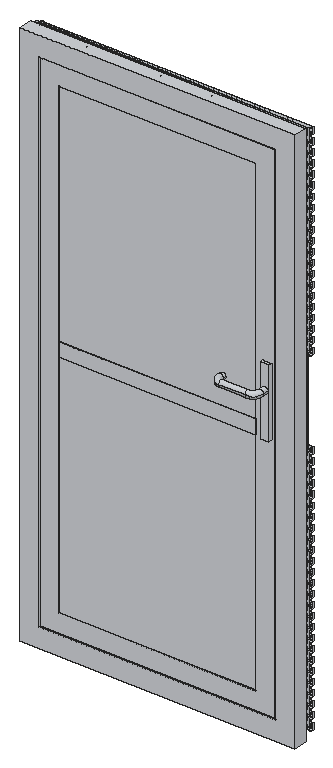
Revit family "NLRS_31_DO_WB_HS27R enkele deur-AV_jazo_jazo", category Doors, host Wall, Revit 2020 (continued)
Definition of nested family "NLRS_31_GM_UN_aluminium planken opbouwroosters-AV"
  Parameters (values of type "aluminium planken")
    NLRS_C_hoogte_04 = (NLRS_C_hoogte / 2) - 102.5 mm - 138 mm  # 1159.5 mm
    NLRS_C_hoogte_03 = (NLRS_C_hoogte / 2) - 102.5 mm - 142 mm  # 1155.5 mm
    NLRS_C_hoogte_02 = NLRS_C_hoogte - 33 mm - 37 mm  # 2730 mm
    NLRS_C_hoogte = 2800 mm
    NLRS_C_diepte = 60 mm  # constant formula
    NLRS_C_breedte_03 = NLRS_C_breedte - (129 mm * 2)  # 1142 mm
    NLRS_C_breedte_02 = NLRS_C_breedte - (123.5 mm * 2)  # 1153 mm
    NLRS_C_breedte_01 = NLRS_C_breedte - 24 mm * 2  # 1352 mm
    NLRS_C_breedte = 1400 mm
    NLRS_C_aantal_02 = NLRS_C_hoogte_04 / 20 mm  # 58
    NLRS_C_aantal_01 = NLRS_C_hoogte_03 / 20 mm  # 58
    Model = ""
    Manufacturer = "JAZO Zevenaar bv"
    Keynote = ""
    JAZO_C_ventilerend = no
    JAZO_C_niet ventilerend = yes
    JAZO_C_aluminium kozijn = yes
    Description = "Aluminium planken"
    Default Elevation = 0 mm
    Assembly Code = "23.30.10.11"
  Reference planes
    plane 1 "Center (Front/Back)": y = 0
    plane 2 "Bottom": z = 0
    plane 3 "Center (Left/Right)": x = 0
    plane 4 "Left": x = -700
    plane 5 "Right": x = 700
    plane 6 "Top": z = 2800
    plane 7 "voorkant kozijn": y = 30
    plane 8 "achterkant kozijn": y = -30
    plane 9 "offset b": z = 2763
    plane 10 "offset o": z = 33
    plane 11 "onder 1": z = 138
    plane 12 "boven 1": z = 1297.5
    plane 13 "Center (Elevation)": z = 1400
    plane 14 "onder 2": z = 1502.5
    plane 15 "boven 2": z = 2658
    plane 16 "offset left": x = -676
    plane 17 "boven 3": x = 676
    plane 18 "offset links 2": x = -571
    plane 19 "offset rechts 2": x = 571
    plane 20 "offset bottom": y = -7.192
    plane 21 "offset top": y = 7.192
    plane 22 "achterkant plank": y = -15.008
    plane 23 "voorkant plank": y = 15.008
    plane 24: x = -561
    plane 25: x = 561
    plane 26: z = 2648
    plane 27: z = 1512.5
    plane 28: z = 1287.5
    plane 29: z = 148
  Forms (mm)
    Extrusion 1, solid, material <- "NLRS_C_materiaal", visible <- "NLRS_C_zichtbaar_01"
      sketch origin (0, 0, 0) x (1, 0, 0) y (0, 0, 1)
        loop
          line (-571, 2658) -> (-571, 1502.5) -> (571, 1502.5) -> (571, 2658) -> (-571, 2658)
        loop
          line (-571, 1297.5) -> (-571, 138) -> (571, 138) -> (571, 1297.5) -> (-571, 1297.5)
      from -7.192 to 7.192
    Extrusion 2, solid, visible <- "NLRS_C_zichtbaar_02"
      sketch origin (1000, 0, 0) x (1, 0, 0) y (0, 0, 1)
        loop
          line (-1561, 2648) -> (-1561, 1512.5) -> (-439, 1512.5) -> (-439, 2648) -> (-1561, 2648)
        loop
          line (-1561, 1287.5) -> (-1561, 148) -> (-439, 148) -> (-439, 1287.5) -> (-1561, 1287.5)
      from -7.192 to 7.192
  Lines and regions (mm)
    symbolic lines, visible <- "JAZO_C_aluminium kozijn"
      curve 1: line (-576.485, -15.008, 0) -> (576.485, -15.008, 0)
      curve 2: line (576.485, 15.008, 0) -> (-576.485, 15.008, 0)
  Dimensions and locks
    "NLRS_C_hoogte": plane 6 "Top" to plane 2 "Bottom"
    "NLRS_C_breedte": plane 4 "Left" to plane 5 "Right"
    equal spacing: plane 4 "Left", plane 3 "Center (Left/Right)", plane 5 "Right"
    "NLRS_C_diepte": plane 7 "voorkant kozijn" to plane 8 "achterkant kozijn"
    equal spacing: plane 7 "voorkant kozijn", plane 1 "Center (Front/Back)", plane 8 "achterkant kozijn"
    locked: plane 10 "offset o" to plane 2 "Bottom" at 33
    locked: plane 6 "Top" to plane 9 "offset b" at 37
    plane 9 "offset b" to plane 10 "offset o" = 2730 mm
    equal spacing: plane 6 "Top", plane 13 "Center (Elevation)", plane 2 "Bottom"
    locked: plane 13 "Center (Elevation)" to plane 12 "boven 1" at 102.5
    locked: plane 11 "onder 1" to plane 2 "Bottom" at 138
    locked: plane 14 "onder 2" to plane 13 "Center (Elevation)" at 102.5
    locked: plane 6 "Top" to plane 15 "boven 2" at 142
    equal spacing: plane 16 "offset left", plane 3 "Center (Left/Right)", plane 17 "boven 3"
    "NLRS_C_breedte_01": plane 16 "offset left" to plane 17 "boven 3"
    "NLRS_C_breedte_03": plane 18 "offset links 2" to plane 19 "offset rechts 2"
    equal spacing: plane 18 "offset links 2", plane 3 "Center (Left/Right)", plane 19 "offset rechts 2"
    equal spacing: plane 22 "achterkant plank", plane 1 "Center (Front/Back)", plane 23 "voorkant plank"
    locked: plane 22 "achterkant plank" to plane 23 "voorkant plank" at 30.015
    locked: plane 21 "offset top" to plane 20 "offset bottom" at 14.385
    equal spacing: plane 21 "offset top", plane 1 "Center (Front/Back)", plane 20 "offset bottom"
    "NLRS_C_offset_01": plane 29 to plane 11 "onder 1"
    "NLRS_C_offset_01": plane 12 "boven 1" to plane 28
    "NLRS_C_offset_01": plane 27 to plane 14 "onder 2"
    "NLRS_C_offset_01": plane 15 "boven 2" to plane 26
    "NLRS_C_offset_01": plane 19 "offset rechts 2" to plane 25
    "NLRS_C_offset_01": plane 24 to plane 18 "offset links 2"
    aligned and locked: level to plane 2 "Bottom"
    aligned and locked: plane 1 "Center (Front/Back)" to nested 1
    aligned and locked: nested 1 to plane 16 "offset left"
    aligned and locked: plane 17 "boven 3" to nested 2
    aligned and locked: plane 10 "offset o" to nested 1
    aligned and locked: nested 2 to plane 10 "offset o"
    aligned and locked: plane 9 "offset b" to nested 3
    aligned and locked: plane 1 "Center (Front/Back)" to nested 3
    aligned and locked: plane 3 "Center (Left/Right)" to nested 3
    aligned and locked: plane 3 "Center (Left/Right)" to nested 4
    aligned and locked: plane 1 "Center (Front/Back)" to nested 4
    aligned and locked: plane 10 "offset o" to nested 4
    aligned and locked: plane 3 "Center (Left/Right)" to nested 5
    aligned and locked: plane 1 "Center (Front/Back)" to nested 5
    aligned and locked: plane 13 "Center (Elevation)" to nested 5
    aligned and locked: Extrusion 1 sketch curve to plane 15 "boven 2"
    aligned and locked: plane 18 "offset links 2" to Extrusion 1 sketch curve  (x2)
    aligned and locked: Extrusion 1 sketch curve to plane 14 "onder 2"
    aligned and locked: Extrusion 1 sketch curve to plane 19 "offset rechts 2"
    aligned and locked: Extrusion 1 sketch curve to plane 12 "boven 1"
    aligned and locked: Extrusion 1 sketch curve to plane 11 "onder 1"
    aligned and locked: plane 19 "offset rechts 2" to Extrusion 1 sketch curve
    aligned and locked: Extrusion 1 to plane 21 "offset top"
    aligned and locked: Extrusion 1 to plane 20 "offset bottom"
    aligned and locked: plane 22 "achterkant plank" to curve 1
    aligned and locked: plane 23 "voorkant plank" to curve 2
    aligned and locked: Extrusion 2 to plane 20 "offset bottom"
    aligned and locked: Extrusion 2 to plane 21 "offset top"
    aligned and locked: plane 24 to Extrusion 2 sketch curve  (x2)
    aligned and locked: plane 26 to Extrusion 2 sketch curve
    aligned and locked: Extrusion 2 sketch curve to plane 25  (x2)
    aligned and locked: plane 27 to Extrusion 2 sketch curve
    aligned and locked: Extrusion 2 sketch curve to plane 28
    aligned and locked: Extrusion 2 sketch curve to plane 29
  Automatic sketch dimensions
    curve 2 to plane 18 "offset links 2" = 5.485 mm
    curve 1 to plane 18 "offset links 2" = 5.485 mm
    curve 2 to plane 19 "offset rechts 2" = 5.485 mm
    curve 1 to plane 19 "offset rechts 2" = 5.485 mm
  Nested families
    nested 1: "NLRS_31_GM_UN_tussenplank 100-AV" at (-623.5, 0, 33), visible <- "JAZO_C_aluminium kozijn", type "tussenplank 100"
      with NLRS_C_zichtbaar_01 yes, NLRS_C_hoogte 2730 mm
    nested 2: "NLRS_31_GM_UN_tussenplank 100-AV" at (623.5, 0, 33) x (-1, 0, 0) z (0, 0, 1), visible <- "JAZO_C_aluminium kozijn", type "tussenplank 100"
      with NLRS_C_zichtbaar_01 yes, NLRS_C_hoogte 2730 mm
    nested 3: "NLRS_31_GM_UN_tussenplank 100 horziontaal-AV" at (0, 0, 2658), visible <- "JAZO_C_aluminium kozijn", type "tussenplank 100mm horzitontaal boven"
    nested 4: "NLRS_31_GM_UN_tussenplank 100 horziontaal-AV" at (0, 0, 33), visible <- "JAZO_C_aluminium kozijn", type "tussenplank 100mm horzitontaal onder"
    nested 5: "NLRS_31_GM_UN_tussenplank 200 horizontaal-AV" at (0, 0, 1297.5), visible <- "JAZO_C_aluminium kozijn", type "tussenplank 200mm"
      with NLRS_C_zichtbaar_01 yes, NLRS_C_breedte 1153 mm
  Definition of nested family "NLRS_31_GM_UN_tussenplank 100-AV"
    Parameters (values of type "tussenplank 100")
      URL = "www.jazo.com"
      NLRS_C_zichtbaar_01 [instance] = yes
      NLRS_C_materiaal = none
      NLRS_C_hoogte = 2334 mm
      NLRS_C_breedte = 105 mm  # constant formula
      Model = ""
      Manufacturer = "Jazo Zevenaar bv"
      Description = "Aluminium tussenplank 100mm"
      Default Elevation = 0 mm
      Assembly Code = "23.30.10.11"
    Reference planes
      plane 1 "Center (Front/Back)": y = 0
      plane 2 "Bottom": z = 0
      plane 3 "Center (Left/Right)": x = 0
      plane 4 "Left": x = -52.5
      plane 5 "Right": x = 52.5
      plane 6 "Top": z = 2334
    Forms (mm)
      Extrusion 1, solid, material <- "NLRS_C_materiaal", visible <- "NLRS_C_zichtbaar_01"
        sketch origin (0, -15.008, 0) x (1, 0, 0) y (0, 1, 0)
          loop
            line (47.015, 30) -> (-52.5, 30) -> (-52.5, 28) -> (-49.253, 28) -> (-47.015, 22.295) -> (-47.015, 7.721) -> (-49.253, 2) -> (-52.5, 2) -> (-52.5, 0) -> (47.015, 0) -> (47.015, 2.5) -> (50.42, 2.5) -> (52.5, 7.815) -> (52.5, 22.2) -> (50.42, 27.5) -> (47.015, 27.5) -> (47.015, 30)
          loop
            line (-44.5, 2) -> (-36.3, 2) -> (-36.3, 4.5) -> (-34.3, 4.5) -> (-34.3, 2) -> (45.015, 2) -> (45.015, 4.25) -> (49.8, 4.25) -> (49.8, 25.75) -> (45.015, 25.75) -> (45.015, 28) -> (-34.3, 28) -> (-34.3, 25.5) -> (-36.3, 25.5) -> (-36.3, 28) -> (-44.5, 28) -> (-44.5, 2)
        from 0 to 2334
    Dimensions and locks
      equal spacing: plane 4 "Left", plane 3 "Center (Left/Right)", plane 5 "Right"
      "NLRS_C_breedte": plane 4 "Left" to plane 5 "Right"
      "NLRS_C_hoogte": plane 6 "Top" to plane 2 "Bottom"
      aligned and locked: level to plane 2 "Bottom"
      aligned and locked: plane 6 "Top" to Extrusion 1
      aligned and locked: Extrusion 1 to level
    Automatic sketch dimensions
      Extrusion 1 sketch curve to plane 4 "Left" = 0 mm  (x2)
      Extrusion 1 sketch curve to plane 5 "Right" = 0 mm
      Extrusion 1 sketch curve to plane 4 "Left" = 3.247 mm  (x2)
      Extrusion 1 sketch curve to plane 4 "Left" = 5.485 mm
      Extrusion 1 sketch curve to Extrusion 1 sketch curve = 4.753 mm
      Extrusion 1 sketch curve to Extrusion 1 sketch curve = 8.2 mm  (x2)
      Extrusion 1 sketch curve to Extrusion 1 sketch curve = 2 mm  (x6)
      plane 5 "Right" to Extrusion 1 sketch curve = 7.485 mm  (x2)
      plane 5 "Right" to Extrusion 1 sketch curve = 2.7 mm
      Extrusion 1 sketch curve to Extrusion 1 sketch curve = 0.62 mm  (x2)
      plane 1 "Center (Front/Back)" to Extrusion 1 sketch curve = 15.008 mm
      plane 1 "Center (Front/Back)" to Extrusion 1 sketch curve = 13.008 mm
      Extrusion 1 sketch curve to Extrusion 1 sketch curve = 0 mm  (x3)
      Extrusion 1 sketch curve to Extrusion 1 sketch curve = 2.5 mm  (x2)
      Extrusion 1 sketch curve to Extrusion 1 sketch curve = 2.25 mm
      Extrusion 1 sketch curve to Extrusion 1 sketch curve = 5.721 mm
      Extrusion 1 sketch curve to Extrusion 1 sketch curve = 3.565 mm
      Extrusion 1 sketch curve to plane 1 "Center (Front/Back)" = 7.192 mm
      Extrusion 1 sketch curve to plane 1 "Center (Front/Back)" = 7.287 mm
      Extrusion 1 sketch curve to plane 1 "Center (Front/Back)" = 10.492 mm
      Extrusion 1 sketch curve to Extrusion 1 sketch curve = 3.55 mm
      Extrusion 1 sketch curve to Extrusion 1 sketch curve = 1.75 mm
      Extrusion 1 sketch curve to Extrusion 1 sketch curve = 0.5 mm
  Definition of nested family "NLRS_31_GM_UN_tussenplank 100 horziontaal-AV"
    Parameters (values of type "tussenplank 100mm horzitontaal boven")
      URL = "www.jazo.com"
      NLRS_C_zichtbaar_02 = yes
      NLRS_C_zichtbaar_01 = no
      NLRS_C_materiaal = none
      NLRS_C_hoogte = 105 mm  # constant formula
      NLRS_C_breedte = 1153 mm
      Model = ""
      Manufacturer = "Jazo Zevenaar bv"
      Description = "Aluminium tussenplank 100mm horzitontaal boven"
      Default Elevation = 0 mm
      Assembly Code = "23.30.10.11"
    Types (2, lengths in mm): name | NLRS_C_zichtbaar_02 | NLRS_C_zichtbaar_01 | Description
      tussenplank 100mm horzitontaal boven | yes | no | "Aluminium tussenplank 100mm horzitontaal boven"
      tussenplank 100mm horzitontaal onder | no | yes | "Aluminium tussenplank 100mm horzitontaal onder"
    Reference planes
      plane 1 "Center (Front/Back)": y = 0
      plane 2 "Bottom": z = 0
      plane 3 "Center (Left/Right)": x = 0
      plane 4 "Left": x = -576.5
      plane 5 "Right": x = 576.5
      plane 6 "Top": z = 105
    Forms (mm)
      Extrusion 1, solid, material <- "NLRS_C_materiaal", visible <- "NLRS_C_zichtbaar_01"
        sketch origin (0, 0, 0) x (0, 1, 0) y (0, 0, 1)
          loop
            line (14.992, 99.515) -> (12.492, 99.515) -> (12.492, 102.92) -> (7.192, 105) -> (-7.192, 105) -> (-12.508, 102.92) -> (-12.508, 99.515) -> (-15.008, 99.515) -> (-15.008, 0) -> (-13.008, 0) -> (-13.008, 3.247) -> (-7.287, 5.485) -> (7.287, 5.485) -> (12.992, 3.247) -> (12.992, 0) -> (14.992, 0) -> (14.992, 99.515)
          loop
            line (-13.008, 8) -> (12.992, 8) -> (12.992, 16.2) -> (10.492, 16.2) -> (10.492, 18.2) -> (12.992, 18.2) -> (12.992, 97.515) -> (10.742, 97.515) -> (10.742, 102.3) -> (-10.758, 102.3) -> (-10.758, 97.515) -> (-13.008, 97.515) -> (-13.008, 18.2) -> (-10.508, 18.2) -> (-10.508, 16.2) -> (-13.008, 16.2) -> (-13.008, 8)
        from -576.5 to 576.5
      Extrusion 2, solid, material <- "NLRS_C_materiaal", visible <- "NLRS_C_zichtbaar_02"
        sketch origin (0, -0.008, 105) x (0, -1, 0) y (0, 0, -1)
          loop
            line (14.992, 99.515) -> (12.492, 99.515) -> (12.492, 102.92) -> (7.192, 105) -> (-7.192, 105) -> (-12.508, 102.92) -> (-12.508, 99.515) -> (-15.008, 99.515) -> (-15.008, 0) -> (-13.008, 0) -> (-13.008, 3.247) -> (-7.287, 5.485) -> (7.287, 5.485) -> (12.992, 3.247) -> (12.992, 0) -> (14.992, 0) -> (14.992, 99.515)
          loop
            line (-13.008, 8) -> (12.992, 8) -> (12.992, 16.2) -> (10.492, 16.2) -> (10.492, 18.2) -> (12.992, 18.2) -> (12.992, 97.515) -> (10.742, 97.515) -> (10.742, 102.3) -> (-10.758, 102.3) -> (-10.758, 97.515) -> (-13.008, 97.515) -> (-13.008, 18.2) -> (-10.508, 18.2) -> (-10.508, 16.2) -> (-13.008, 16.2) -> (-13.008, 8)
        from -576.5 to 576.5
    Dimensions and locks
      equal spacing: plane 4 "Left", plane 3 "Center (Left/Right)", plane 5 "Right"
      "NLRS_C_breedte": plane 4 "Left" to plane 5 "Right"
      "NLRS_C_hoogte": plane 6 "Top" to plane 2 "Bottom"
      aligned and locked: level to plane 2 "Bottom"
      aligned and locked: plane 4 "Left" to Extrusion 1
      aligned and locked: Extrusion 1 to plane 5 "Right"
      aligned and locked: plane 4 "Left" to Extrusion 2
      aligned and locked: Extrusion 2 to plane 5 "Right"
    Automatic sketch dimensions
      plane 1 "Center (Front/Back)" to Extrusion 1 sketch curve = 15.008 mm
      Extrusion 1 sketch curve to Extrusion 1 sketch curve = 2 mm  (x5)
      level to Extrusion 1 sketch curve = 18.2 mm
      Extrusion 1 sketch curve to Extrusion 1 sketch curve = 0 mm  (x5)
      Extrusion 1 sketch curve to Extrusion 1 sketch curve = 2.5 mm  (x2)
      Extrusion 1 sketch curve to Extrusion 1 sketch curve = 2.25 mm
      Extrusion 1 sketch curve to Extrusion 1 sketch curve = 5.721 mm
      Extrusion 1 sketch curve to Extrusion 1 sketch curve = 3.565 mm
      Extrusion 1 sketch curve to Extrusion 1 sketch curve = 14.385 mm
      Extrusion 1 sketch curve to Extrusion 1 sketch curve = 14.574 mm
      level to Extrusion 1 sketch curve = 16.2 mm  (x2)
      Extrusion 1 sketch curve to Extrusion 1 sketch curve = 3.205 mm
      Extrusion 1 sketch curve to Extrusion 1 sketch curve = 3.55 mm
      Extrusion 1 sketch curve to Extrusion 1 sketch curve = 1.75 mm
      Extrusion 1 sketch curve to Extrusion 1 sketch curve = 0.5 mm
      level to Extrusion 1 sketch curve = 3.247 mm  (x2)
      Extrusion 1 sketch curve to Extrusion 1 sketch curve = 3.247 mm  (x2)
      Extrusion 1 sketch curve to Extrusion 1 sketch curve = 2.239 mm
      Extrusion 1 sketch curve to Extrusion 1 sketch curve = 4.753 mm
      Extrusion 1 sketch curve to Extrusion 1 sketch curve = 79.315 mm
      Extrusion 1 sketch curve to Extrusion 1 sketch curve = 2.785 mm
      Extrusion 1 sketch curve to Extrusion 1 sketch curve = 0.62 mm  (x2)
      Extrusion 1 sketch curve to Extrusion 1 sketch curve = 2.7 mm
      Extrusion 2 sketch curve to plane 6 "Top" = 0 mm  (x2)
      Extrusion 2 sketch curve to level = 0 mm
      level to Extrusion 2 sketch curve = 5.485 mm
      Extrusion 2 sketch curve to plane 1 "Center (Front/Back)" = 15 mm
      Extrusion 2 sketch curve to Extrusion 2 sketch curve = 2 mm  (x6)
      Extrusion 2 sketch curve to Extrusion 2 sketch curve = 0 mm  (x4)
      level to Extrusion 2 sketch curve = 2.08 mm  (x2)
      Extrusion 2 sketch curve to Extrusion 2 sketch curve = 2.5 mm  (x2)
      Extrusion 2 sketch curve to Extrusion 2 sketch curve = 2.25 mm
      Extrusion 2 sketch curve to Extrusion 2 sketch curve = 5.721 mm
      Extrusion 2 sketch curve to Extrusion 2 sketch curve = 3.565 mm
      Extrusion 2 sketch curve to Extrusion 2 sketch curve = 14.385 mm
      Extrusion 2 sketch curve to plane 6 "Top" = 5.485 mm
      Extrusion 2 sketch curve to Extrusion 2 sketch curve = 14.574 mm
      Extrusion 2 sketch curve to Extrusion 2 sketch curve = 3.205 mm
      Extrusion 2 sketch curve to Extrusion 2 sketch curve = 3.55 mm
      Extrusion 2 sketch curve to Extrusion 2 sketch curve = 1.75 mm
      Extrusion 2 sketch curve to Extrusion 2 sketch curve = 0.5 mm
      Extrusion 2 sketch curve to plane 6 "Top" = 3.247 mm
      Extrusion 2 sketch curve to Extrusion 2 sketch curve = 3.247 mm
      Extrusion 2 sketch curve to Extrusion 2 sketch curve = 4.753 mm
      Extrusion 2 sketch curve to Extrusion 2 sketch curve = 8.2 mm  (x2)
      Extrusion 2 sketch curve to Extrusion 2 sketch curve = 5.406 mm
      Extrusion 2 sketch curve to Extrusion 2 sketch curve = 0.62 mm
  Definition of nested family "NLRS_31_GM_UN_tussenplank 200 horizontaal-AV"
    Parameters (values of type "tussenplank 200mm")
      URL = "www.jazo.com"
      NLRS_C_zichtbaar_01 [instance] = yes
      NLRS_C_materiaal = none
      NLRS_C_hoogte = 205 mm  # constant formula
      NLRS_C_breedte = 1027 mm
      Model = ""
      Manufacturer = "Jazo Zevenaar bv"
      Description = "Aluminium tussenplank 200mm"
      Default Elevation = 0 mm
      Assembly Code = "23.30.10.11"
    Reference planes
      plane 1 "Center (Front/Back)": y = 0
      plane 2 "Bottom": z = 0
      plane 3 "Center (Left/Right)": x = 0
      plane 4 "Top": z = 205
      plane 5 "Left": x = -513.5
      plane 6 "Right": x = 513.5
      plane 7 "Center (Elevation)": z = 102.5
    Forms (mm)
      Extrusion 1, solid, material <- "NLRS_C_materiaal"
        sketch origin (0, 0, 0) x (0, 1, 0) y (0, 0, 1)
          loop
            line (14.992, 101.796) -> (14.284, 102.504) -> (14.992, 103.212) -> (14.992, 199.515) -> (12.492, 199.515) -> (12.492, 202.92) -> (7.192, 205) -> (-7.192, 205) -> (-12.508, 202.92) -> (-12.508, 199.515) -> (-15.008, 199.515) -> (-15.008, 103.207) -> (-14.301, 102.5) -> (-15.008, 101.793) -> (-15.008, 0) -> (-13.008, 0) -> (-13.008, 3.21) -> (-7.192, 5.485) -> (7.192, 5.485) -> (12.992, 3.21) -> (12.992, 0) -> (14.992, 0) -> (14.992, 101.796)
          loop
            line (-13.008, 8) -> (12.992, 8) -> (12.992, 16.2) -> (10.492, 16.2) -> (10.492, 18.2) -> (12.992, 18.2) -> (12.992, 103.907) -> (-13.008, 103.907) -> (-13.008, 18.2) -> (-10.508, 18.2) -> (-10.508, 16.2) -> (-13.008, 16.2) -> (-13.008, 8)
          loop
            line (-13.008, 105.907) -> (12.992, 105.907) -> (12.992, 197.515) -> (10.742, 197.515) -> (10.742, 202.3) -> (-10.758, 202.3) -> (-10.758, 197.515) -> (-13.008, 197.515) -> (-13.008, 105.907)
        from -513.5 to 513.5
    Dimensions and locks
      equal spacing: plane 5 "Left", plane 3 "Center (Left/Right)", plane 6 "Right"
      "NLRS_C_breedte": plane 5 "Left" to plane 6 "Right"
      "NLRS_C_hoogte": plane 4 "Top" to plane 2 "Bottom"
      equal spacing: plane 4 "Top", plane 7 "Center (Elevation)", level
      aligned and locked: level to plane 2 "Bottom"
      aligned and locked: plane 5 "Left" to Extrusion 1
      aligned and locked: Extrusion 1 to plane 6 "Right"
    Automatic sketch dimensions
      plane 1 "Center (Front/Back)" to Extrusion 1 sketch curve = 15.008 mm
      Extrusion 1 sketch curve to Extrusion 1 sketch curve = 0 mm  (x5)
      Extrusion 1 sketch curve to Extrusion 1 sketch curve = 0.707 mm  (x2)
      Extrusion 1 sketch curve to Extrusion 1 sketch curve = 2 mm  (x8)
      Extrusion 1 sketch curve to Extrusion 1 sketch curve = 1.293 mm
      Extrusion 1 sketch curve to Extrusion 1 sketch curve = 2.5 mm  (x2)
      Extrusion 1 sketch curve to Extrusion 1 sketch curve = 1.75 mm  (x2)
      Extrusion 1 sketch curve to Extrusion 1 sketch curve = 3.565 mm
      Extrusion 1 sketch curve to Extrusion 1 sketch curve = 5.815 mm
      Extrusion 1 sketch curve to Extrusion 1 sketch curve = 14.385 mm  (x2)
      level to Extrusion 1 sketch curve = 18.2 mm  (x2)
      Extrusion 1 sketch curve to Extrusion 1 sketch curve = 3.3 mm
      Extrusion 1 sketch curve to Extrusion 1 sketch curve = 3.55 mm
      Extrusion 1 sketch curve to Extrusion 1 sketch curve = 5.8 mm
      Extrusion 1 sketch curve to Extrusion 1 sketch curve = 1.292 mm
      Extrusion 1 sketch curve to Extrusion 1 sketch curve = 0.708 mm  (x3)
      Extrusion 1 sketch curve to Extrusion 1 sketch curve = 8.2 mm
      Extrusion 1 sketch curve to Extrusion 1 sketch curve = 2.515 mm
      Extrusion 1 sketch curve to Extrusion 1 sketch curve = 4.79 mm  (x2)
      Extrusion 1 sketch curve to Extrusion 1 sketch curve = 3.21 mm  (x2)
      level to Extrusion 1 sketch curve = 101.793 mm
      Extrusion 1 sketch curve to Extrusion 1 sketch curve = 0.003 mm
      Extrusion 1 sketch curve to Extrusion 1 sketch curve = 1.407 mm
      Extrusion 1 sketch curve to Extrusion 1 sketch curve = 91.607 mm
      Extrusion 1 sketch curve to Extrusion 1 sketch curve = 2.785 mm
      Extrusion 1 sketch curve to Extrusion 1 sketch curve = 0.62 mm  (x2)
      Extrusion 1 sketch curve to Extrusion 1 sketch curve = 2.7 mm
Definition of nested family "NLRS_31_DI_UN_markering"
  Parameters (values of type "NLRS_C_31_DI_markering")
    URL = "www.jazo.com"
    NLRS_C_zichtbaar_01 = if(or(NLRS_C_brandwerend, NLRS_C_zelfsluitend), 1 < 2, 2 < 1)  # no
    NLRS_C_zelfsluitend = no
    NLRS_C_brandwerend = no
    Manufacturer = "JAZO Zevenaar bv"
    Description = "Markering detail"
  Reference planes
    plane 1 "Center (Front/Back)": y = 0
    plane 2: z = 0
    plane 3 "Center (Left/Right)": x = 0
    plane 4 "voorkant kozijn": y = 30
    plane 5 "achterkant kozijn": y = -30
    plane 6 "Right": x = 20
    plane 7 "Left": x = -20
    plane 8 "offset left": x = -25
    plane 9 "offset right": x = 25
    plane 10 "achterkant": y = -129.538
    plane 11 "voorkant": y = 129.538
  Lines and regions (mm)
    detail lines, in view "Ref. Level", visible <- "NLRS_C_zichtbaar_01"
      curve 1: line (0, -129.538, 0) -> (0, 129.538, 0)
    detail lines, in view "Ref. Level", visible <- "NLRS_C_brandwerend"
      curve 2: line (-20, -129.538, 0) -> (20, -101.53, 0)
      curve 3: line (20, -129.538, 0) -> (-20, -101.53, 0)
      curve 4: line (-20, -101.53, 0) -> (20, -73.522, 0)
      curve 5: line (20, -101.53, 0) -> (-20, -73.522, 0)
      curve 6: line (-20, 129.538, 0) -> (20, 101.53, 0)
      curve 7: line (20, 129.538, 0) -> (-20, 101.53, 0)
      curve 8: line (-20, 101.53, 0) -> (20, 73.522, 0)
      curve 9: line (20, 101.53, 0) -> (-20, 73.522, 0)
    detail lines, in view "Ref. Level", visible <- "NLRS_C_zelfsluitend"
      curve 10: line (-25, -70.021, 0) -> (25, -35.01, 0)
      curve 11: line (25, -35.01, 0) -> (-25, 0, 0)
      curve 12: line (-25, 0, 0) -> (25, 35.01, 0)
      curve 13: line (25, 35.01, 0) -> (-25, 70.021, 0)
  Dimensions and locks
    equal spacing: plane 5 "achterkant kozijn", plane 1 "Center (Front/Back)", plane 4 "voorkant kozijn"
    equal spacing: plane 7 "Left", plane 3 "Center (Left/Right)", plane 6 "Right"
    locked: plane 7 "Left" to plane 6 "Right" at 40
    locked: plane 8 "offset left" to plane 7 "Left" at 5
    locked: plane 6 "Right" to plane 9 "offset right" at 5
    equal spacing: plane 11 "voorkant", plane 1 "Center (Front/Back)", plane 10 "achterkant"
    locked: plane 11 "voorkant" to plane 10 "achterkant" at 259.077
    locked: plane 5 "achterkant kozijn" to plane 4 "voorkant kozijn" at 60
    aligned and locked: plane 3 "Center (Left/Right)" to curve 1
  Automatic sketch dimensions
    curve 12 to plane 8 "offset left" = 0 mm
    curve 10 to plane 8 "offset left" = 0 mm
    curve 13 to plane 8 "offset left" = 0 mm
    curve 3 to plane 7 "Left" = 0 mm
    curve 8 to plane 7 "Left" = 0 mm
    curve 9 to plane 7 "Left" = 0 mm
    curve 5 to plane 7 "Left" = 0 mm
    curve 6 to plane 7 "Left" = 0 mm
    curve 8 to plane 6 "Right" = 0 mm
    curve 9 to plane 6 "Right" = 0 mm
    curve 7 to plane 6 "Right" = 0 mm
    curve 2 to plane 6 "Right" = 0 mm
    curve 3 to plane 6 "Right" = 0 mm
    curve 4 to plane 6 "Right" = 0 mm
    curve 13 to plane 9 "offset right" = 0 mm
    curve 11 to plane 9 "offset right" = 0 mm
    plane 5 "achterkant kozijn" to curve 3 = 71.53 mm
    curve 3 to curve 2 = 0 mm
    plane 5 "achterkant kozijn" to curve 10 = 5.01 mm
    plane 1 "Center (Front/Back)" to curve 12 = 0 mm
    curve 12 to plane 4 "voorkant kozijn" = 5.01 mm
    curve 12 to curve 6 = 66.52 mm
    curve 7 to curve 6 = 0 mm
    curve 3 to curve 2 = 28.008 mm
    curve 2 to curve 4 = 28.008 mm
    curve 3 to curve 5 = 28.008 mm
    curve 5 to curve 10 = 3.501 mm
    curve 13 to curve 7 = 31.509 mm
    curve 8 to curve 6 = 28.008 mm
    curve 13 to curve 9 = 3.501 mm
    curve 7 to curve 1 = 28.008 mm
    curve 6 to curve 1 = 0 mm
    curve 1 to curve 7 = 0 mm
    curve 2 to plane 7 "Left" = 0 mm
    curve 2 to curve 3 = 28.008 mm
    curve 1 to curve 3 = 0 mm
Definition of nested family "NLRS_31_GA_UN_error message"
  Parameters (values of type "NLRS_31_GA_UN_error mesage")
    NLRS_C_zichtbaar_10 = if(NLRS_C_zichtbaar_01, 1 < 2, if(NLRS_C_zichtbaar_02, 1 < 2, if(NLRS_C_zichtbaar_03, 1 < 2, if(NLRS_C_zichtbaar_04, 1 < 2, if(NLRS_C_zichtbaar_05, 1 < 2, 2 < 1)))))  # yes
    NLRS_C_zichtbaar_05 = if(and(JAZO_C_aluminium kozijn, NLRS_C_brandwerend), 1 < 2, 2 < 1)  # yes
    NLRS_C_zichtbaar_04 = if(NLRS_C_breedte < NLRS_C_breedte_min, 1 < 2, 2 < 1)  # no
    NLRS_C_zichtbaar_03 = if(NLRS_C_breedte > NLRS_C_breedte_max, 1 < 2, 2 < 1)  # no
    NLRS_C_zichtbaar_02 = if(NLRS_C_hoogte < NLRS_C_hoogte_min, 1 < 2, 2 < 1)  # no
    NLRS_C_zichtbaar_01 = if(NLRS_C_hoogte > NLRS_C_hoogte_max, 1 < 2, 2 < 1)  # no
    NLRS_C_hoogte_min = 1850 mm
    NLRS_C_hoogte_max = 2645 mm
    NLRS_C_hoogte = 2500 mm
    NLRS_C_breedte_min = 850 mm
    NLRS_C_breedte_max = 1661 mm
    NLRS_C_breedte = 1000 mm
    NLRS_C_brandwerend = yes
    JAZO_C_aluminium kozijn = yes
  Reference planes
    plane 1: y = 0
    plane 2: x = 0
  Lines and regions (mm)
    Filled region 1, type "Zwart", not visible
      outline origin (253.64, 140.595, 0) x (1, 0, 0) y (0, 1, 0)
        loop
          line (134.592, 287.146) -> (41.891, 131.062)
          arc (41.891, 131.062) -> (41.863, 128.047) -> (44.47, 126.53) r 3
          line (44.47, 126.53) -> (229.873, 126.53)
          arc (229.873, 126.53) -> (232.48, 128.047) -> (232.452, 131.062) r 3
          line (232.452, 131.062) -> (139.751, 287.146)
          arc (139.751, 287.146) -> (137.171, 288.614) -> (134.592, 287.146) r 3
        loop
          line (62.04, 139.53) -> (212.303, 139.53) -> (137.171, 266.031) -> (62.04, 139.53)
    Filled region 2, type "Geel", not visible
      outline origin (253.64, 140.595, 0) x (1, 0, 0) y (0, 1, 0)
        loop
          line (62.04, 139.53) -> (212.303, 139.53) -> (137.171, 266.031) -> (62.04, 139.53)
    Filled region 3, type "Zwart", not visible
      outline origin (253.64, 140.595, 0) x (1, 0, 0) y (0, 1, 0)
        loop
          line (127.78, 234.406) -> (132.476, 171.156) -> (141.867, 171.156) -> (146.563, 234.406) -> (127.78, 234.406)
        loop
          circle (137.171, 160.994) r 7.044
    Filled region 4, type "Rood 2", visible <- "NLRS_C_zichtbaar_10"
      outline origin (0, 0, 0) x (1, 0, 0) y (0, 1, 0)
        loop
          line (-50, 14) -> (-50, -14) -> (50, -14) -> (50, 14) -> (-50, 14)
  Text (mm)
    text "Error: Height > Max Height" at (-1.89, -0.035, 0), visible <- "NLRS_C_zichtbaar_01"
    text "Error: Height < Min Height" at (-1.89, -0.035, 0), visible <- "NLRS_C_zichtbaar_02"
    text "Error: Width > Max Width" at (-1.89, -6.035, 0), visible <- "NLRS_C_zichtbaar_03"
    text "Error: Width < Min Width" at (-1.89, -6.035, 0), visible <- "NLRS_C_zichtbaar_04"
    text "Error: Aluminium kozijn ≠ brandwerend" at (-1.89, 5.965, 0), visible <- "NLRS_C_zichtbaar_05"
  Dimensions and locks
    equal spacing: Filled region 4 sketch curve, plane 1, Filled region 4 sketch curve
    Filled region 4 sketch curve to Filled region 4 sketch curve = 28 mm
    plane 1 to Filled region 4 sketch curve = 14 mm
    equal spacing: Filled region 4 sketch curve, plane 2, Filled region 4 sketch curve
    Filled region 4 sketch curve to plane 2 = 50 mm
Definition of nested family "NLRS_31_DI_UN_beslagbak detail HS27R"
  Parameters (values of type "beslagbak detail HS27R")
    URL = "www.jazo.com"
    Manufacturer = "JAZO Zevenaar bv"
    JAZO_C_opbouwrooster HS27R = yes
    JAZO_C_forster presto kozijn = yes
    JAZO_C_aluminium kozijn = no
    Description = "beslagbak detail HS27R"
  Reference planes
    plane 1 "Center (Front/Back)": y = 0
    plane 2: z = 0
    plane 3 "Center (Left/Right)": x = 0
    plane 4 "offset rechts": x = 99
    plane 5 "alu": y = -70.992
    plane 6 "st": y = -90.992
  Lines and regions (mm)
    Filled region 1, type "Solid Fill - White", in view "Ref. Level", visible <- "JAZO_C_aluminium kozijn"
      outline origin (0, 41.508, 0) x (1, 0, 0) y (0, 1, 0)
        loop
          line (11, -124.5) -> (16, -124.5) -> (16, -112.5) -> (-16, -112.5) -> (-16, -124.5) -> (-11, -124.5) -> (-11, -146.5)
          arc (-11, -146.5) -> (-15.027, -156.222) -> (-24.749, -160.249) r 13.749
          line (-24.749, -160.249) -> (-120.749, -160.249)
          arc (-120.749, -160.249) -> (-130.471, -156.222) -> (-134.497, -146.5) r 13.749
          line (-134.497, -146.5) -> (-134.497, -135.5) -> (-156.497, -135.5) -> (-156.497, -146.5)
          arc (-156.497, -146.5) -> (-146.027, -171.778) -> (-120.749, -182.249) r 35.749
          line (-120.749, -182.249) -> (-24.749, -182.249)
          arc (-24.749, -182.249) -> (0.529, -171.778) -> (11, -146.5) r 35.749
          line (11, -146.5) -> (11, -124.5)
    Filled region 2, type "Solid Fill - White", in view "Ref. Level", visible <- "JAZO_C_forster presto kozijn"
      outline origin (0, 21.508, 0) x (1, 0, 0) y (0, 1, 0)
        loop
          line (11, -124.5) -> (16, -124.5) -> (16, -112.5) -> (-16, -112.5) -> (-16, -124.5) -> (-11, -124.5) -> (-11, -146.5)
          arc (-11, -146.5) -> (-15.027, -156.222) -> (-24.749, -160.249) r 13.749
          line (-24.749, -160.249) -> (-120.749, -160.249)
          arc (-120.749, -160.249) -> (-130.471, -156.222) -> (-134.497, -146.5) r 13.749
          line (-134.497, -146.5) -> (-134.497, -135.5) -> (-156.497, -135.5) -> (-156.497, -146.5)
          arc (-156.497, -146.5) -> (-146.027, -171.778) -> (-120.749, -182.249) r 35.749
          line (-120.749, -182.249) -> (-24.749, -182.249)
          arc (-24.749, -182.249) -> (0.529, -171.778) -> (11, -146.5) r 35.749
          line (11, -146.5) -> (11, -124.5)
    Filled region 3, type "Solid Fill - White", in view "Ref. Level", visible <- "JAZO_C_opbouwrooster HS27R"
      outline origin (0, 41.508, 0) x (1, 0, 0) y (0, 1, 0)
        loop
          line (-25, -25.5) -> (-11, -25.5) -> (-11, -55.5) -> (-16, -55.5) -> (-16, -67.5) -> (16, -67.5) -> (16, -55.5) -> (11, -55.5) -> (11, -25.5) -> (25, -25.5) -> (25, -9.5) -> (-25, -9.5) -> (-25, -25.5)
    Filled region 4, type "Solid Fill - White", in view "Ref. Level", visible <- "JAZO_C_opbouwrooster HS27R"
      outline origin (0, 41.508, 0) x (1, 0, 0) y (0, 1, 0)
        loop
          line (95, -41.508) -> (93, -41.508) -> (93, -67.5) -> (-207.786, -67.5)
          arc (-207.786, -67.5) -> (-210.766, -68.734) -> (-212, -71.714) r 4.214
          line (-212, -71.714) -> (-212, -78.7) -> (-238, -78.7) -> (-238, -43.8) -> (-240, -43.8) -> (-240, -78.7)
          arc (-240, -78.7) -> (-239.414, -80.114) -> (-238, -80.7) r 2
          line (-238, -80.7) -> (-212, -80.7)
          arc (-212, -80.7) -> (-210.586, -80.114) -> (-210, -78.7) r 2
          line (-210, -78.7) -> (-210, -71.714)
          arc (-210, -71.714) -> (-209.41, -70.29) -> (-207.986, -69.7) r 2.014
          line (-207.986, -69.7) -> (95, -69.7) -> (95, -41.508)
    detail lines, in view "Ref. Level", visible <- "JAZO_C_aluminium kozijn"
      curve 1: line (-16, -82.992, 0) -> (16, -82.992, 0)
    detail lines, in view "Ref. Level", visible <- "JAZO_C_forster presto kozijn"
      curve 2: line (-16, -102.992, 0) -> (16, -102.992, 0)
    detail lines, in view "Ref. Level", visible <- "JAZO_C_opbouwrooster HS27R"
      curve 3: line (-11, 16.008, 0) -> (11, 16.008, 0)
      curve 4: line (-11, -13.992, 0) -> (11, -13.992, 0)
  Dimensions and locks
    locked: plane 3 "Center (Left/Right)" to plane 4 "offset rechts" at 99
    locked: plane 5 "alu" to plane 1 "Center (Front/Back)" at 70.992
    locked: plane 5 "alu" to plane 6 "st" at 20
Definition of nested family "NLRS_31_DI_UN_scharnier detail HS27R"
  Parameters (values of type "scharnier detail HS27R")
    URL = "www.jazo.com"
    Manufacturer = "JAZO Zevenaar bv"
    JAZO_C_forster presto kozijn = no
    JAZO_C_aluminium kozijn = yes
    Description = "scharnier detail HS27R"
  Reference planes
    plane 1 "Center (Front/Back)": y = 0
    plane 2: z = 0
    plane 3 "Center (Left/Right)": x = 0
    plane 4 "offset": x = 20
  Lines and regions (mm)
    Filled region 1, type "Solid Fill - White", in view "Ref. Level", visible <- "JAZO_C_forster presto kozijn"
      outline origin (0, 0, 0) x (1, 0, 0) y (0, 1, 0)
        loop
          line (95, 0) -> (95, 6)
          arc (95, 6) -> (93.536, 9.536) -> (90, 11) r 5
          line (90, 11) -> (33, 11)
          arc (33, 11) -> (27.343, 13.343) -> (25, 19) r 8
          line (25, 19) -> (25, 24.5) -> (15, 24.5) -> (15, 6) -> (19, 2) -> (44.5, 2) -> (44.5, 0) -> (95, 0)
        loop
          line (15.5, 29.5) -> (24.5, 29.5) -> (24.5, 38.5) -> (15.5, 38.5) -> (15.5, 29.5)
    Filled region 2, type "Solid Fill - White", in view "Ref. Level", visible <- "JAZO_C_forster presto kozijn"
      outline origin (0, -40, 0) x (1, 0, 0) y (0, 1, 0)
        loop
          circle (20, 74) r 9.5
    Filled region 3, type "Solid Fill - White", in view "Ref. Level", visible <- "JAZO_C_aluminium kozijn"
      outline origin (20.01, 81.5, 0) x (1, 0, 0) y (0, 1, 0)
        loop
          arc (-4, -81.5) -> (-3.293, -81.207) -> (-3, -80.5) r 1
          line (-3, -80.5) -> (-3, -52.487)
          arc (-3, -52.487) -> (-2.247, -50.699) -> (-0.442, -49.988) r 2.5
          arc (-0.442, -49.988) -> (1.661, -49.857) -> (3.69, -49.288) r 10
          arc (3.69, -49.288) -> (6.549, -49.036) -> (9.076, -50.397) r 5
          line (9.076, -50.397) -> (12.99, -54.311) -> (12.99, -80.5)
          arc (12.99, -80.5) -> (13.283, -81.207) -> (13.99, -81.5) r 1
          line (13.99, -81.5) -> (19.99, -81.5)
          arc (19.99, -81.5) -> (20.697, -81.207) -> (20.99, -80.5) r 1
          line (20.99, -80.5) -> (20.99, -50.997) -> (9.99, -39.997)
          arc (9.99, -39.997) -> (-1.629, -30.129) -> (-9.486, -43.192) r 10
          arc (-9.486, -43.192) -> (-9.518, -43.666) -> (-9.764, -44.072) r 1
          line (-9.764, -44.072) -> (-13, -47.307) -> (-13, -80.5)
          arc (-13, -80.5) -> (-12.707, -81.207) -> (-12, -81.5) r 1
          line (-12, -81.5) -> (-4, -81.5)
    detail lines, in view "Ref. Level", visible <- "JAZO_C_forster presto kozijn"
      curve 1: arc (11, 34, 0) -> (20, 25, 0) -> (29, 34, 0) r 9
      curve 2: arc (11.5, 34, 0) -> (20, 25.5, 0) -> (28.5, 34, 0) r 8.5
      curve 3: arc (28.5, 34, 0) -> (20, 42.5, 0) -> (11.5, 34, 0) r 8.5
      curve 4: arc (29, 34, 0) -> (20, 43, 0) -> (11, 34, 0) r 9
    detail lines, in view "Ref. Level", visible <- "JAZO_C_aluminium kozijn"
      curve 5: arc (10.524, 38.305, 0) -> (14.168, 33.376, 0) -> (20.004, 31.5, 0) r 10
      curve 6: arc (23.526, 32.137, 0) -> (28.23, 35.798, 0) -> (30.015, 41.485, 0) r 10
  Dimensions and locks
    locked: plane 3 "Center (Left/Right)" to plane 4 "offset" at 20
Definition of nested family "NLRS_31_GM_UN_scharnier aluminium HS27R-AV"
  Parameters (values of type "scharnier aluminium HS27R")
    URL = "www.jazo.com"
    NLRS_C_materiaal = none
    Model = ""
    Manufacturer = "JAZO Zevenaar bv"
    JAZO_C_aluminium kozijn = yes
    Description = "scharnier aluminium HS27R"
    Default Elevation = 0 mm
    Assembly Code = "23.30.40.24.11"
  Reference planes
    plane 1 "Center (Front/Back)": y = 0
    plane 2 "Bottom": z = 0
    plane 3 "Center (Left/Right)": x = 0
    plane 4 "Top": z = 180
    plane 5 "voorkant kozijn": y = -41.5
    plane 6 "Left": x = -20
  Forms (mm)
    Extrusion 1, solid, material <- "NLRS_C_materiaal", visible <- "JAZO_C_aluminium kozijn"
      sketch origin (-333.447, 147.952, 0) x (0, -1, 0) y (1, 0, 0)
        loop
          circle (147.952, 333.447) r 10
      from 50 to 52.5
    Extrusion 2, solid, material <- "NLRS_C_materiaal", visible <- "JAZO_C_aluminium kozijn"
      sketch origin (-333.444, 147.952, 0) x (0, -1, 0) y (1, 0, 0)
        loop
          circle (147.952, 333.447) r 10
      from 127.5 to 130
    Extrusion 3, solid, material <- "NLRS_C_materiaal", visible <- "JAZO_C_aluminium kozijn"
      sketch origin (-333.439, 147.952, 0) x (0, -1, 0) y (1, 0, 0)
        loop
          arc (157.242, 337.147) -> (138.898, 337.692) -> (151.05, 323.939) r 10
          arc (151.05, 323.939) -> (151.573, 323.943) -> (152.026, 323.683) r 1
          line (152.026, 323.683) -> (155.262, 320.447) -> (188.452, 320.447)
          arc (188.452, 320.447) -> (189.159, 320.74) -> (189.452, 321.447) r 1
          line (189.452, 321.447) -> (189.452, 329.447)
          arc (189.452, 329.447) -> (189.159, 330.154) -> (188.452, 330.447) r 1
          line (188.452, 330.447) -> (160.442, 330.447)
          arc (160.442, 330.447) -> (158.639, 331.215) -> (157.944, 333.047) r 2.5
          arc (157.944, 333.047) -> (157.809, 335.134) -> (157.242, 337.147) r 10
      from 52.5 to 127.5
    Extrusion 4, solid, material <- "NLRS_C_materiaal", visible <- "JAZO_C_aluminium kozijn"
      sketch origin (-333.447, 147.952, 0) x (0, -1, 0) y (1, 0, 0)
        loop
          arc (147.952, 343.447) -> (142.34, 325.17) -> (157.242, 337.147) r 10
          arc (157.242, 337.147) -> (156.99, 340.006) -> (158.352, 342.533) r 5
          line (158.352, 342.533) -> (162.266, 346.447) -> (188.452, 346.447)
          arc (188.452, 346.447) -> (189.159, 346.74) -> (189.452, 347.447) r 1
          line (189.452, 347.447) -> (189.452, 353.447)
          arc (189.452, 353.447) -> (189.159, 354.154) -> (188.452, 354.447) r 1
          line (188.452, 354.447) -> (158.952, 354.447) -> (147.952, 343.447)
      from 130 to 180
    Extrusion 5, solid, material <- "NLRS_C_materiaal", visible <- "JAZO_C_aluminium kozijn"
      sketch origin (-333.449, 147.952, 0) x (0, -1, 0) y (1, 0, 0)
        loop
          arc (147.952, 343.447) -> (142.34, 325.17) -> (157.242, 337.147) r 10
          arc (157.242, 337.147) -> (156.99, 340.006) -> (158.352, 342.533) r 5
          line (158.352, 342.533) -> (162.266, 346.447) -> (188.452, 346.447)
          arc (188.452, 346.447) -> (189.159, 346.74) -> (189.452, 347.447) r 1
          line (189.452, 347.447) -> (189.452, 353.447)
          arc (189.452, 353.447) -> (189.159, 354.154) -> (188.452, 354.447) r 1
          line (188.452, 354.447) -> (158.952, 354.447) -> (147.952, 343.447)
      from 0 to 50
  Dimensions and locks
    locked: plane 1 "Center (Front/Back)" to plane 5 "voorkant kozijn" at 41.5
    locked: plane 6 "Left" to plane 3 "Center (Left/Right)" at 20
    aligned and locked: level to plane 2 "Bottom"
Definition of nested family "NLRS_31_GM_UN_door swing"
  Parameters (values of type "door swing")
    URL = "www.jazo.com"
    NLRS_C_hoek [instance] = 50.00°
    NLRS_C_breedte [instance] = 1000 mm
    Model = "Door swing"
    Manufacturer = "JAZO Zevenaar bv"
    Description = "Door swing"
    Default Elevation = 0 mm
  Reference planes
    plane 1 "Center (Front/Back)": y = 0
    plane 2: z = 0
    plane 3 "Center (Left/Right)": x = 0
    plane 4 "Left": x = -1000
  Lines and regions (mm)
    reference lines
      curve 1: line (0, 0, 0) -> (-642.788, 766.044, 0)
    model lines
      curve 2: line (0, 0, 0) -> (-642.788, 766.044, 0)
      curve 3: arc (-1000, 0, 0) -> (-906.308, 422.618, 0) -> (-642.788, 766.044, 0) r 1000
  Dimensions and locks
    "NLRS_C_breedte": plane 4 "Left" to plane 3 "Center (Left/Right)"
    "NLRS_C_breedte": curve 1 to curve 1
    "NLRS_C_hoek": angle curve 1 to plane 1 "Center (Front/Back)"
    aligned and locked: level to plane 2
    aligned and locked: plane 3 "Center (Left/Right)" to curve 1
    aligned and locked: plane 1 "Center (Front/Back)" to curve 1
    aligned and locked: curve 2 to curve 1
    aligned and locked: plane 3 "Center (Left/Right)" to curve 3
    aligned and locked: plane 1 "Center (Front/Back)" to curve 3  (x2)
    aligned and locked: curve 1 to curve 3
    aligned and locked: plane 4 "Left" to curve 3
  Automatic sketch dimensions
    plane 1 "Center (Front/Back)" to curve 2 = 0 mm
Definition of nested family "NLRS_31_GA_UN_error message paniekfunctie"
  Parameters (values of type "error message")
    NLRS_C_zichtbaar_01 = if(and(JAZO_C_paniekfunctie, JAZO_C_ventilerend, NLRS_C_inbraakwerend), 1 < 2, 2 < 1)  # yes
    NLRS_C_inbraakwerend = yes
    JAZO_C_ventilerend = yes
    JAZO_C_paniekfunctie = yes
  Reference planes
    plane 1: y = 0
    plane 2: x = 0
  Lines and regions (mm)
    Filled region 1, type "Zwart", not visible
      outline origin (253.64, 140.595, 0) x (1, 0, 0) y (0, 1, 0)
        loop
          line (134.592, 287.146) -> (41.891, 131.062)
          arc (41.891, 131.062) -> (41.863, 128.047) -> (44.47, 126.53) r 3
          line (44.47, 126.53) -> (229.873, 126.53)
          arc (229.873, 126.53) -> (232.48, 128.047) -> (232.452, 131.062) r 3
          line (232.452, 131.062) -> (139.751, 287.146)
          arc (139.751, 287.146) -> (137.171, 288.614) -> (134.592, 287.146) r 3
        loop
          line (62.04, 139.53) -> (212.303, 139.53) -> (137.171, 266.031) -> (62.04, 139.53)
    Filled region 2, type "Geel", not visible
      outline origin (253.64, 140.595, 0) x (1, 0, 0) y (0, 1, 0)
        loop
          line (62.04, 139.53) -> (212.303, 139.53) -> (137.171, 266.031) -> (62.04, 139.53)
    Filled region 3, type "Zwart", not visible
      outline origin (253.64, 140.595, 0) x (1, 0, 0) y (0, 1, 0)
        loop
          line (127.78, 234.406) -> (132.476, 171.156) -> (141.867, 171.156) -> (146.563, 234.406) -> (127.78, 234.406)
        loop
          circle (137.171, 160.994) r 7.044
    Filled region 4, type "Rood 2", visible <- "NLRS_C_zichtbaar_01"
      outline origin (0, 0, 0) x (1, 0, 0) y (0, 1, 0)
        loop
          line (-50, 14) -> (-50, -14) -> (50, -14) -> (50, 14) -> (-50, 14)
  Text (mm)
    text "De combinatie tussen inbraakwerend, ventilerend en paniekfunctie kan niet worden toegepast.\n1 van deze onderdelen moet worden uitgezet.\nVoor specificaties of mogelijkheden, neem contact op. " at (-0.015, -2.617, 0), visible <- "NLRS_C_zichtbaar_01"
    text "Error: paniekfunctie" at (-1.89, 5.965, 0), visible <- "NLRS_C_zichtbaar_01"
  Dimensions and locks
    equal spacing: Filled region 4 sketch curve, plane 1, Filled region 4 sketch curve
    Filled region 4 sketch curve to Filled region 4 sketch curve = 28 mm
    plane 1 to Filled region 4 sketch curve = 14 mm
    equal spacing: Filled region 4 sketch curve, plane 2, Filled region 4 sketch curve
    Filled region 4 sketch curve to plane 2 = 50 mm
